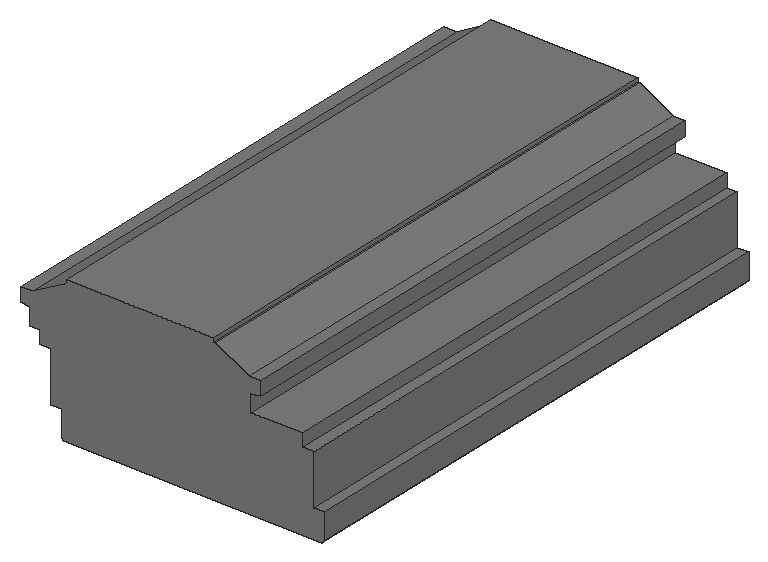
Revit family "HourdiBox PP Néo 120 Up 14 KW-1", category Equipement spécialisé, Revit 2016
Family settings
  Basée sur le plan de construction = Non
  Toujours verticalement = Oui
  Couper avec des vides une fois chargée = Non
  Partagée = Non
  Point de calcul de pièce = Non
Parameters (values of type "HourdiBox PP 120 Up 14")
  Up - SEAC GF 110 - SEAC GF 120 - SEAC GF 930 - SEAC GF 940 = 0.1400 W/(m·K)  # constant formula
  Up - RECTOR NR 130 = 0.1400 W/(m·K)  # constant formula
  Up - RECTOR NR 110 = 0.1400 W/(m·K)  # constant formula
  Up - LB7 - Série 1 = 0.1300 W/(m·K)  # constant formula
  Up - LB 7 - Série 2 = 0.1400 W/(m·K)  # constant formula
  Up - KP1 Leader 130 - KP1 Leader 140 = 0.1400 W/(m·K)  # constant formula
  Up - KP1 Leader 110 - KP1 Leader 115S - KP1 Leader x 110 = 0.1300 W/(m·K)  # constant formula
  Up - DURANDAL DF 110 - DURANDAL DF 130 - DURANDAL DF 140 = 0.1400 W/(m·K)  # constant formula
  URL = "http://www.isobox-isolation.fr/"
  Rp - SEAC GF 110 - SEAC GF 120 - SEAC GF 930 - SEAC GF 940 = 6.8500 (m²·K)/W  # constant formula
  Rp - RECTOR NR 110 = 6.9500 (m²·K)/W  # constant formula
  Rp - RECTOR NR 130 = 6.7000 (m²·K)/W  # constant formula
  Keynote = ""
  Model = "Entrevous 120 - UP 14 "  # constant formula
  Matériaux = Isolant PSE Entrevous
  Longueur = 1200 mm  # constant formula
  Largeur coupure 02 (base 10cm = 0) (par défaut) [instance] = 100 mm
  Largeur coupure 01 (base 10cm = 0) [instance] = 100 mm
  Longueur coupure (base 10cm = 0) [instance] = 100 mm
  Largeur = 688.5 mm  # constant formula
  Rp - LB7 - Série 1 = 7.0000 (m²·K)/W  # constant formula
  Rp - LB 7 - Série 2 = 6.8500 (m²·K)/W  # constant formula
  Rp - KP1 Leader 130 - KP1 Leader 140 = 6.8500 (m²·K)/W  # constant formula
  Rp - KP1 Leader 110 - KP1 Leader 115S - KP1 Leader x 110 = 7.0500 (m²·K)/W  # constant formula
  Fabricant = "Isobox"  # constant formula
  Epaisseur de languette = 207 mm  # constant formula
  Description = ""
  Rp - DURANDAL DF 110 - DURANDAL DF 130 - DURANDAL DF 140 = 6.8500 (m²·K)/W  # constant formula
  Coût = 0  # constant formula
Reference planes
  plane 1 "Centre (avant/arrière)": y = 0
  plane 2: z = 0
  plane 3 "Centre (gauche/droite)": x = 0
Forms (mm)
  Extrusion 1, solid, material "Isolant PSE Entrevous" <- "Matériaux"
    sketch origin (0, 0, 0) x (1, 0, 0) y (0, 0, 1)
      loop
        line (105.383, 0) -> (105.383, -9) -> (100.383, -9) -> (27.542, -50.647) -> (0, -50.647) -> (0, -82.012) -> (21.945, -84.319) -> (21.945, -122.995) -> (45, -122.995) -> (45, -152) -> (68.5, -152) -> (68.5, -266) -> (93.5, -266) -> (93.5, -325) -> (98.5, -330) -> (683.5, -330) -> (688.5, -325) -> (688.5, -266) -> (663.5, -266) -> (663.5, -152) -> (640, -152) -> (640, -123) -> (522.055, -123) -> (522.055, -84.319) -> (544, -82.012) -> (544, -50.647) -> (516.458, -50.647) -> (443.618, -9) -> (438.618, -9) -> (438.618, 0) -> (105.383, 0)
    from 0 to 1200
  Extrusion 2, void
    sketch origin (0, 0, 0) x (1, 0, 0) y (0, 1, 0)
      loop
        line (788.5, 0) -> (688.5, 0) -> (688.5, -1200) -> (788.5, -1200) -> (788.5, 0)
    from -330 to 0
  Extrusion 3, void
    sketch origin (0, 0, 0) x (1, 0, 0) y (0, 1, 0)
      loop
        line (0, -1200) -> (0, -1300) -> (688.5, -1300) -> (688.5, -1200) -> (0, -1200)
    from 0 to -330
  Extrusion 4, void
    sketch origin (-788.5, 0, 0) x (1, 0, 0) y (0, 1, 0)
      loop
        line (788.5, 0) -> (688.5, 0) -> (688.5, -1200) -> (788.5, -1200) -> (788.5, 0)
    from -330 to 0
Cuts and joins
  Extrusion 2, Extrusion 3, Extrusion 4 cuts Extrusion 1
Lines and regions (mm)
  reference lines
    curve 1: line (788.5, 160, 0) -> (788.5, -1440, 0)
    curve 2: line (-100, 0, 0) -> (-100, -1540, 0)
    curve 3: line (0, -1300, 0) -> (1520, -1300, 0)
Dimensions and locks
  locked: Extrusion 1 to Extrusion 1 at 688.5
  locked: Extrusion 1 to Extrusion 1 at 1200
  locked: Extrusion 1 to Extrusion 1 at 143
  "Largeur coupure 01 (base 10cm = 0)": Extrusion 2 to Extrusion 2
  locked: Extrusion 3 to Extrusion 3 at 688.5
  "Longueur coupure (base 10cm = 0)": Extrusion 3 to Extrusion 3
  "Largeur coupure 02 (base 10cm = 0) (par défaut)": Extrusion 4 to Extrusion 4
  cut or joined group of Extrusion 1, Extrusion 2, Extrusion 3, Extrusion 4 to cut or joined group of Extrusion 1, Extrusion 2, Extrusion 3, Extrusion 4 = 330 mm
  aligned and locked: level to plane 2
  aligned and locked: Extrusion 2 to curve 1
  aligned and locked: Extrusion 4 to curve 2
  aligned and locked: Extrusion 3 to curve 3
Automatic sketch dimensions
  Extrusion 1 sketch curve to plane 3 "Centre (gauche/droite)" = 0 mm
  Extrusion 1 sketch curve to level = 0 mm
  plane 3 "Centre (gauche/droite)" to Extrusion 1 sketch curve = 21.945 mm
  plane 3 "Centre (gauche/droite)" to Extrusion 1 sketch curve = 27.542 mm
  Extrusion 1 sketch curve to Extrusion 1 sketch curve = 23.055 mm
  plane 3 "Centre (gauche/droite)" to Extrusion 1 sketch curve = 68.5 mm
  Extrusion 1 sketch curve to Extrusion 1 sketch curve = 25 mm
  Extrusion 1 sketch curve to Extrusion 1 sketch curve = 5 mm  (x5)
  Extrusion 1 sketch curve to level = 9 mm  (x2)
  Extrusion 1 sketch curve to Extrusion 1 sketch curve = 72.84 mm  (x2)
  Extrusion 1 sketch curve to Extrusion 1 sketch curve = 333.235 mm
  Extrusion 1 sketch curve to Extrusion 1 sketch curve = 5.597 mm
  Extrusion 1 sketch curve to level = 82.012 mm
  Extrusion 1 sketch curve to Extrusion 1 sketch curve = 21.945 mm
  Extrusion 1 sketch curve to Extrusion 1 sketch curve = 96 mm
  Extrusion 1 sketch curve to Extrusion 1 sketch curve = 23.5 mm
  Extrusion 1 sketch curve to level = 330 mm
  Extrusion 1 sketch curve to Extrusion 1 sketch curve = 20 mm
  Extrusion 1 sketch curve to level = 325 mm
  Extrusion 1 sketch curve to Extrusion 1 sketch curve = 59 mm  (x2)
  Extrusion 1 sketch curve to Extrusion 1 sketch curve = 114 mm  (x2)
  Extrusion 1 sketch curve to Extrusion 1 sketch curve = 29 mm
  Extrusion 1 sketch curve to Extrusion 1 sketch curve = 29.005 mm
  Extrusion 1 sketch curve to Extrusion 1 sketch curve = 38.676 mm
  Extrusion 1 sketch curve to Extrusion 1 sketch curve = 2.307 mm  (x2)
  Extrusion 1 sketch curve to Extrusion 1 sketch curve = 33.672 mm  (x2)
  plane 1 "Centre (avant/arrière)" to Extrusion 2 sketch curve = 0 mm
  plane 3 "Centre (gauche/droite)" to Extrusion 2 sketch curve = 688.5 mm
  Extrusion 2 sketch curve to Extrusion 2 sketch curve = 100 mm
  plane 1 "Centre (avant/arrière)" to Extrusion 2 sketch curve = 1200 mm
  Extrusion 3 sketch curve to plane 3 "Centre (gauche/droite)" = 0 mm
  plane 3 "Centre (gauche/droite)" to Extrusion 3 sketch curve = 688.5 mm
  plane 1 "Centre (avant/arrière)" to Extrusion 3 sketch curve = 1300 mm
  Extrusion 3 sketch curve to Extrusion 3 sketch curve = 100 mm
  plane 1 "Centre (avant/arrière)" to Extrusion 4 sketch curve = 0 mm
  Extrusion 4 sketch curve to plane 3 "Centre (gauche/droite)" = 0 mm
  Extrusion 4 sketch curve to plane 3 "Centre (gauche/droite)" = 100 mm
  plane 1 "Centre (avant/arrière)" to Extrusion 4 sketch curve = 1200 mm
  plane 1 "Centre (avant/arrière)" to curve 2 = 0 mm
  curve 3 to plane 3 "Centre (gauche/droite)" = 0 mm
  curve 2 to plane 3 "Centre (gauche/droite)" = 100 mm
  plane 3 "Centre (gauche/droite)" to curve 1 = 788.5 mm
  curve 1 to curve 3 = 731.5 mm
  plane 1 "Centre (avant/arrière)" to curve 3 = 1300 mm
  curve 1 to curve 3 = 140 mm
  curve 2 to curve 3 = 240 mm
  curve 1 to plane 1 "Centre (avant/arrière)" = 160 mm
